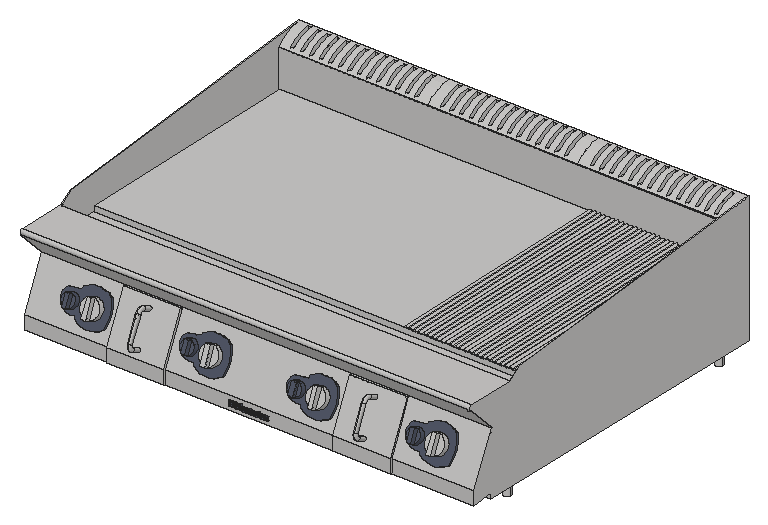
Revit family "QF_ELECTROLUXPROFESSIONAL_391592_E9IIKTAOMII", category Attrezzature speciali, Revit 2018 (continued)
Automatic sketch dimensions
  Extrusion 3 sketch curve to Extrusion 3 sketch curve = 0.887 mm
  Extrusion 3 sketch curve to Extrusion 3 sketch curve = 0.928 mm
  Extrusion 3 sketch curve to Extrusion 3 sketch curve = 0.938 mm
  Extrusion 3 sketch curve to Extrusion 3 sketch curve = 0.444 mm
  Extrusion 3 sketch curve to Extrusion 3 sketch curve = 1.11 mm  (x3)
  Extrusion 3 sketch curve to Extrusion 3 sketch curve = 0.215 mm
  Extrusion 3 sketch curve to plane 7 "Center Y" = 1.405 mm
  Extrusion 3 sketch curve to Extrusion 3 sketch curve = 1.43 mm
  Extrusion 3 sketch curve to Extrusion 3 sketch curve = 1.188 mm
  Extrusion 3 sketch curve to Extrusion 3 sketch curve = 1.21 mm  (x2)
  Extrusion 3 sketch curve to Extrusion 3 sketch curve = 0.503 mm
  Extrusion 3 sketch curve to Extrusion 3 sketch curve = 0.488 mm
  Extrusion 3 sketch curve to Extrusion 3 sketch curve = 0.462 mm
  Extrusion 3 sketch curve to Extrusion 3 sketch curve = 1.386 mm
  Extrusion 3 sketch curve to Extrusion 3 sketch curve = 1.742 mm  (x2)
  Extrusion 3 sketch curve to Extrusion 3 sketch curve = 0.821 mm
  Extrusion 3 sketch curve to Extrusion 3 sketch curve = 0.497 mm
  Extrusion 3 sketch curve to Extrusion 3 sketch curve = 0.539 mm
  Extrusion 3 sketch curve to Extrusion 3 sketch curve = 0.199 mm
  Extrusion 3 sketch curve to Extrusion 3 sketch curve = 0.408 mm
  Extrusion 3 sketch curve to Extrusion 3 sketch curve = 0.528 mm
  Extrusion 3 sketch curve to Extrusion 3 sketch curve = 1.16 mm
  Extrusion 3 sketch curve to Extrusion 3 sketch curve = 0.329 mm
  Extrusion 3 sketch curve to Extrusion 3 sketch curve = 1.054 mm
  Extrusion 3 sketch curve to Extrusion 3 sketch curve = 1.056 mm
  Extrusion 3 sketch curve to Extrusion 3 sketch curve = 0.129 mm
  Extrusion 3 sketch curve to Extrusion 3 sketch curve = 0.489 mm
  Extrusion 3 sketch curve to Extrusion 3 sketch curve = 0.441 mm
  Extrusion 3 sketch curve to Extrusion 3 sketch curve = 1.151 mm
  Extrusion 3 sketch curve to Extrusion 3 sketch curve = 1.141 mm  (x2)
  Extrusion 3 sketch curve to Extrusion 3 sketch curve = 1.23 mm
  Extrusion 3 sketch curve to Extrusion 3 sketch curve = 1.653 mm
  Extrusion 3 sketch curve to Extrusion 3 sketch curve = 0.499 mm
  Extrusion 3 sketch curve to Extrusion 3 sketch curve = 0.964 mm
  Extrusion 3 sketch curve to Extrusion 3 sketch curve = 0.949 mm
  Extrusion 3 sketch curve to Extrusion 3 sketch curve = 1.345 mm  (x2)
  Extrusion 3 sketch curve to Extrusion 3 sketch curve = 0.137 mm  (x2)
  Extrusion 3 sketch curve to Extrusion 3 sketch curve = 0.432 mm
  Extrusion 3 sketch curve to Extrusion 3 sketch curve = 1.142 mm
  Extrusion 3 sketch curve to Extrusion 3 sketch curve = 0.959 mm
  Extrusion 3 sketch curve to Extrusion 3 sketch curve = 0.176 mm
  Extrusion 3 sketch curve to Extrusion 3 sketch curve = 0.728 mm
  Extrusion 3 sketch curve to Extrusion 3 sketch curve = 3.375 mm  (x2)
  Extrusion 3 sketch curve to Extrusion 3 sketch curve = 0.541 mm
  Extrusion 3 sketch curve to Extrusion 3 sketch curve = 0.955 mm
  Extrusion 3 sketch curve to Extrusion 3 sketch curve = 1.251 mm
  Extrusion 3 sketch curve to Extrusion 3 sketch curve = 0.572 mm
  Extrusion 3 sketch curve to Extrusion 3 sketch curve = 1.92 mm
  Extrusion 3 sketch curve to Extrusion 3 sketch curve = 1.224 mm
  Extrusion 3 sketch curve to Extrusion 3 sketch curve = 0.745 mm
  Extrusion 3 sketch curve to Extrusion 3 sketch curve = 2.537 mm
  Extrusion 3 sketch curve to Extrusion 3 sketch curve = 0.896 mm  (x3)
  Extrusion 3 sketch curve to Extrusion 3 sketch curve = 0.036 mm
  Extrusion 3 sketch curve to Extrusion 3 sketch curve = 2.607 mm
  Extrusion 3 sketch curve to Extrusion 3 sketch curve = 0.066 mm
  Extrusion 3 sketch curve to Extrusion 3 sketch curve = 0.248 mm
  Extrusion 3 sketch curve to Extrusion 3 sketch curve = 0.449 mm
  Extrusion 3 sketch curve to Extrusion 3 sketch curve = 1.052 mm
  Extrusion 3 sketch curve to Extrusion 3 sketch curve = 1.863 mm
  Extrusion 3 sketch curve to Extrusion 3 sketch curve = 1.31 mm  (x2)
  Extrusion 3 sketch curve to Extrusion 3 sketch curve = 0.901 mm
  Extrusion 3 sketch curve to Extrusion 3 sketch curve = 1.107 mm
  Extrusion 3 sketch curve to Extrusion 3 sketch curve = 2.122 mm
  Extrusion 3 sketch curve to Extrusion 3 sketch curve = 2.101 mm
  Extrusion 3 sketch curve to Extrusion 3 sketch curve = 0.106 mm
  Extrusion 3 sketch curve to Extrusion 3 sketch curve = 0.029 mm
  Extrusion 3 sketch curve to Extrusion 3 sketch curve = 2.09 mm
  Extrusion 3 sketch curve to Extrusion 3 sketch curve = 1.279 mm
  Extrusion 3 sketch curve to Extrusion 3 sketch curve = 2.008 mm
  Extrusion 3 sketch curve to Extrusion 3 sketch curve = 0.738 mm
  Extrusion 3 sketch curve to Extrusion 3 sketch curve = 0.382 mm
  Extrusion 3 sketch curve to Extrusion 3 sketch curve = 0.384 mm
  Extrusion 3 sketch curve to Extrusion 3 sketch curve = 0.002 mm
  Extrusion 3 sketch curve to Extrusion 3 sketch curve = 0.561 mm
  Extrusion 3 sketch curve to Extrusion 3 sketch curve = 0.592 mm
  Extrusion 3 sketch curve to Extrusion 3 sketch curve = 2.692 mm
  Extrusion 3 sketch curve to Extrusion 3 sketch curve = 1.259 mm
  Extrusion 3 sketch curve to Extrusion 3 sketch curve = 0.802 mm
  Extrusion 3 sketch curve to Extrusion 3 sketch curve = 1.024 mm
  Extrusion 3 sketch curve to Extrusion 3 sketch curve = 0.682 mm
  Extrusion 3 sketch curve to Extrusion 3 sketch curve = 5.934 mm
  Extrusion 3 sketch curve to Extrusion 3 sketch curve = 2.186 mm
  Extrusion 3 sketch curve to Extrusion 3 sketch curve = 0.337 mm
  Extrusion 3 sketch curve to Extrusion 3 sketch curve = 0.021 mm
  Extrusion 3 sketch curve to Extrusion 3 sketch curve = 1.005 mm
  Extrusion 3 sketch curve to Extrusion 3 sketch curve = 0.552 mm
  Extrusion 3 sketch curve to Extrusion 3 sketch curve = 0.778 mm
  Extrusion 3 sketch curve to Extrusion 3 sketch curve = 0.063 mm
  Extrusion 3 sketch curve to Extrusion 3 sketch curve = 1.023 mm
  Extrusion 3 sketch curve to Extrusion 3 sketch curve = 3.804 mm
  Extrusion 3 sketch curve to Extrusion 3 sketch curve = 0.486 mm
  Extrusion 3 sketch curve to Extrusion 3 sketch curve = 0.266 mm  (x2)
  Extrusion 3 sketch curve to Extrusion 3 sketch curve = 1.547 mm
  Extrusion 3 sketch curve to Extrusion 3 sketch curve = 0.717 mm  (x2)
  Extrusion 3 sketch curve to Extrusion 3 sketch curve = 1.667 mm
  Extrusion 3 sketch curve to Extrusion 3 sketch curve = 3.174 mm
  Extrusion 3 sketch curve to Extrusion 3 sketch curve = 0.388 mm
  Extrusion 3 sketch curve to Extrusion 3 sketch curve = 1.342 mm
  Extrusion 3 sketch curve to Extrusion 3 sketch curve = 1.521 mm
  Extrusion 3 sketch curve to Extrusion 3 sketch curve = 0.124 mm
  Extrusion 3 sketch curve to Extrusion 3 sketch curve = 0.291 mm
  plane 7 "Center Y" to Extrusion 3 sketch curve = 5.548 mm
  Extrusion 3 sketch curve to Extrusion 3 sketch curve = 1.049 mm  (x2)
  Extrusion 3 sketch curve to Extrusion 3 sketch curve = 1.7 mm
  Extrusion 3 sketch curve to Extrusion 3 sketch curve = 0.894 mm
  Extrusion 3 sketch curve to Extrusion 3 sketch curve = 0.989 mm
  Extrusion 3 sketch curve to Extrusion 3 sketch curve = 1.168 mm
  Extrusion 3 sketch curve to Extrusion 3 sketch curve = 1.594 mm
  Extrusion 3 sketch curve to Extrusion 3 sketch curve = 0.731 mm
  Extrusion 3 sketch curve to Extrusion 3 sketch curve = 1.566 mm
  Extrusion 3 sketch curve to Extrusion 3 sketch curve = 0.064 mm
  plane 7 "Center Y" to Extrusion 3 sketch curve = 6.105 mm
  Extrusion 3 sketch curve to Extrusion 3 sketch curve = 0.556 mm  (x2)
  Extrusion 3 sketch curve to Extrusion 3 sketch curve = 0.48 mm
  Extrusion 3 sketch curve to Extrusion 3 sketch curve = 0.228 mm
  Extrusion 3 sketch curve to Extrusion 3 sketch curve = 1.018 mm
  Extrusion 3 sketch curve to Extrusion 3 sketch curve = 0.787 mm
  Extrusion 3 sketch curve to Extrusion 3 sketch curve = 0.618 mm
  Extrusion 3 sketch curve to Extrusion 3 sketch curve = 1.672 mm
  Extrusion 3 sketch curve to Extrusion 3 sketch curve = 1.361 mm
  Extrusion 3 sketch curve to Extrusion 3 sketch curve = 0.822 mm
  Extrusion 3 sketch curve to Extrusion 3 sketch curve = 0.069 mm
  Extrusion 3 sketch curve to Extrusion 3 sketch curve = 1.88 mm
  Extrusion 3 sketch curve to Extrusion 3 sketch curve = 0.42 mm
  Extrusion 3 sketch curve to Extrusion 3 sketch curve = 0.062 mm
  Extrusion 3 sketch curve to Extrusion 3 sketch curve = 1.355 mm
  Extrusion 3 sketch curve to Extrusion 3 sketch curve = 2.34 mm
  Extrusion 3 sketch curve to Extrusion 3 sketch curve = 0.493 mm
  Extrusion 3 sketch curve to Extrusion 3 sketch curve = 0.136 mm
  Extrusion 3 sketch curve to Extrusion 3 sketch curve = 0.128 mm
  Extrusion 3 sketch curve to Extrusion 3 sketch curve = 3.616 mm
  Extrusion 3 sketch curve to Extrusion 3 sketch curve = 4.207 mm
  Extrusion 3 sketch curve to Extrusion 3 sketch curve = 0.183 mm
  Extrusion 3 sketch curve to Extrusion 3 sketch curve = 0.895 mm
  Extrusion 3 sketch curve to Extrusion 3 sketch curve = 1.314 mm
  Extrusion 3 sketch curve to Extrusion 3 sketch curve = 3.231 mm
  Extrusion 3 sketch curve to Extrusion 3 sketch curve = 1.299 mm
  Extrusion 3 sketch curve to Extrusion 3 sketch curve = 1.214 mm
  Extrusion 3 sketch curve to Extrusion 3 sketch curve = 1.264 mm
  Extrusion 3 sketch curve to Extrusion 3 sketch curve = 0.109 mm
  Extrusion 3 sketch curve to Extrusion 3 sketch curve = 0.357 mm
  Extrusion 3 sketch curve to Extrusion 3 sketch curve = 0.565 mm
  Extrusion 3 sketch curve to Extrusion 3 sketch curve = 2.504 mm
  Extrusion 3 sketch curve to Extrusion 3 sketch curve = 2.459 mm
  Extrusion 3 sketch curve to Extrusion 3 sketch curve = 1.322 mm
  Extrusion 3 sketch curve to Extrusion 3 sketch curve = 2.77 mm
  Extrusion 3 sketch curve to Extrusion 3 sketch curve = 2.51 mm
  Extrusion 3 sketch curve to Extrusion 3 sketch curve = 0.187 mm
  Extrusion 3 sketch curve to Extrusion 3 sketch curve = 2.559 mm
  Extrusion 3 sketch curve to Extrusion 3 sketch curve = 1.556 mm
  Extrusion 3 sketch curve to Extrusion 3 sketch curve = 0.222 mm
  Extrusion 3 sketch curve to Extrusion 3 sketch curve = 1.383 mm
  Extrusion 3 sketch curve to Extrusion 3 sketch curve = 3.114 mm
  Extrusion 3 sketch curve to Extrusion 3 sketch curve = 3.376 mm
  Extrusion 3 sketch curve to Extrusion 3 sketch curve = 0.934 mm
  Extrusion 3 sketch curve to Extrusion 3 sketch curve = 0.191 mm
  Extrusion 3 sketch curve to Extrusion 3 sketch curve = 3.696 mm
  Extrusion 3 sketch curve to Extrusion 3 sketch curve = 2.708 mm
  Extrusion 3 sketch curve to Extrusion 3 sketch curve = 3.333 mm
  Extrusion 3 sketch curve to Extrusion 3 sketch curve = 0.332 mm
  Extrusion 3 sketch curve to Extrusion 3 sketch curve = 1.087 mm
  Extrusion 3 sketch curve to Extrusion 3 sketch curve = 2.23 mm
  Extrusion 3 sketch curve to Extrusion 3 sketch curve = 2.757 mm
  Extrusion 3 sketch curve to Extrusion 3 sketch curve = 0.987 mm
  Extrusion 3 sketch curve to Extrusion 3 sketch curve = 1.529 mm
  Extrusion 3 sketch curve to Extrusion 3 sketch curve = 1.796 mm
  Extrusion 3 sketch curve to Extrusion 3 sketch curve = 2.859 mm
  Extrusion 3 sketch curve to Extrusion 3 sketch curve = 0.853 mm
  Extrusion 3 sketch curve to Extrusion 3 sketch curve = 1.241 mm
  Extrusion 3 sketch curve to Extrusion 3 sketch curve = 2.046 mm  (x2)
  Extrusion 3 sketch curve to Extrusion 3 sketch curve = 2.422 mm
  Extrusion 3 sketch curve to Extrusion 3 sketch curve = 0.27 mm  (x2)
  Extrusion 3 sketch curve to Extrusion 3 sketch curve = 0.69 mm
  Extrusion 3 sketch curve to Extrusion 3 sketch curve = 0.781 mm  (x2)
  Extrusion 3 sketch curve to Extrusion 3 sketch curve = 3.136 mm
  Extrusion 3 sketch curve to Extrusion 3 sketch curve = 1.767 mm
  Extrusion 3 sketch curve to Extrusion 3 sketch curve = 0.138 mm
  Extrusion 3 sketch curve to Extrusion 3 sketch curve = 0.777 mm
  Extrusion 3 sketch curve to Extrusion 3 sketch curve = 1.19 mm
  Extrusion 3 sketch curve to Extrusion 3 sketch curve = 0.782 mm
  Extrusion 3 sketch curve to Extrusion 3 sketch curve = 1.268 mm
  Extrusion 3 sketch curve to Extrusion 3 sketch curve = 0.422 mm  (x2)
  Extrusion 3 sketch curve to Extrusion 3 sketch curve = 1.559 mm
  Extrusion 3 sketch curve to Extrusion 3 sketch curve = 3.927 mm
  Extrusion 3 sketch curve to Extrusion 3 sketch curve = 0.983 mm
  Extrusion 3 sketch curve to Extrusion 3 sketch curve = 1.134 mm
  Extrusion 3 sketch curve to Extrusion 3 sketch curve = 0.094 mm
  Extrusion 3 sketch curve to Extrusion 3 sketch curve = 1.584 mm
  Extrusion 3 sketch curve to plane 7 "Center Y" = 1.098 mm
  Extrusion 3 sketch curve to Extrusion 3 sketch curve = 0.643 mm
  Extrusion 3 sketch curve to Extrusion 3 sketch curve = 0.916 mm
  Extrusion 3 sketch curve to Extrusion 3 sketch curve = 0.352 mm
  Extrusion 3 sketch curve to Extrusion 3 sketch curve = 0.458 mm
  Extrusion 3 sketch curve to Extrusion 3 sketch curve = 1.282 mm
  Extrusion 3 sketch curve to Extrusion 3 sketch curve = 1.363 mm
  Extrusion 3 sketch curve to Extrusion 3 sketch curve = 0.685 mm
  Extrusion 3 sketch curve to Extrusion 3 sketch curve = 0.905 mm
  Extrusion 3 sketch curve to Extrusion 3 sketch curve = 2.865 mm
  Extrusion 3 sketch curve to Extrusion 3 sketch curve = 0.472 mm
  Extrusion 3 sketch curve to Extrusion 3 sketch curve = 0.101 mm
  Extrusion 3 sketch curve to Extrusion 3 sketch curve = 0.54 mm
  Extrusion 3 sketch curve to Extrusion 3 sketch curve = 0.02 mm
  Extrusion 3 sketch curve to Extrusion 3 sketch curve = 0.468 mm
  Extrusion 3 sketch curve to Extrusion 3 sketch curve = 0.829 mm
  Extrusion 3 sketch curve to Extrusion 3 sketch curve = 0.582 mm
  Extrusion 3 sketch curve to Extrusion 3 sketch curve = 0.166 mm
  Extrusion 3 sketch curve to Extrusion 3 sketch curve = 0.16 mm
  Extrusion 3 sketch curve to Extrusion 3 sketch curve = 2.781 mm
  Extrusion 3 sketch curve to Extrusion 3 sketch curve = 1.118 mm
  Extrusion 3 sketch curve to Extrusion 3 sketch curve = 0.613 mm
  Extrusion 3 sketch curve to Extrusion 3 sketch curve = 0.361 mm
  Extrusion 3 sketch curve to Extrusion 3 sketch curve = 0.897 mm
  Extrusion 3 sketch curve to Extrusion 3 sketch curve = 0.167 mm
  Extrusion 3 sketch curve to Extrusion 3 sketch curve = 0.292 mm
  Extrusion 3 sketch curve to Extrusion 3 sketch curve = 0.305 mm
  Extrusion 3 sketch curve to Extrusion 3 sketch curve = 1.557 mm
  Extrusion 3 sketch curve to Extrusion 3 sketch curve = 2.499 mm
  Extrusion 3 sketch curve to Extrusion 3 sketch curve = 3.062 mm
  Extrusion 3 sketch curve to Extrusion 3 sketch curve = 2.968 mm
  Extrusion 3 sketch curve to Extrusion 3 sketch curve = 5.044 mm
  Extrusion 3 sketch curve to Extrusion 3 sketch curve = 0.629 mm  (x2)
  Extrusion 3 sketch curve to Extrusion 3 sketch curve = 1.131 mm
  Extrusion 3 sketch curve to Extrusion 3 sketch curve = 0.027 mm
  Extrusion 3 sketch curve to Extrusion 3 sketch curve = 2.235 mm
  Extrusion 4 sketch curve to plane 12 = 0 mm
  Extrusion 4 sketch curve to plane 1 "BACK" = 0 mm
  Extrusion 4 sketch curve to plane 6 "TOP" = 0 mm
  Extrusion 4 sketch curve to plane 14 = 28.404 mm
  plane 14 to Extrusion 4 sketch curve = 5 mm
  Extrusion 4 sketch curve to plane 12 = 60 mm
  plane 12 to Extrusion 4 sketch curve = 21.916 mm
  Extrusion 5 sketch curve to plane 1 "BACK" = 0 mm
  Extrusion 5 sketch curve to plane 12 = 0 mm
  Extrusion 5 sketch curve to plane 6 "TOP" = 0 mm
  Extrusion 5 sketch curve to plane 14 = 28.404 mm
  plane 14 to Extrusion 5 sketch curve = 5 mm
  Extrusion 5 sketch curve to plane 12 = 60 mm
  plane 12 to Extrusion 5 sketch curve = 21.916 mm
  Extrusion 6 sketch curve to plane 1 "BACK" = 0 mm
  Extrusion 6 sketch curve to plane 6 "TOP" = 0 mm
  Extrusion 6 sketch curve to plane 13 = 12.15 mm
  Extrusion 6 sketch curve to plane 1 "BACK" = 5.211 mm
  Extrusion 6 sketch curve to plane 6 "TOP" = 31.7 mm
  plane 1 "BACK" to Extrusion 7 sketch curve = 6.761 mm  (x14)
  Extrusion 7 sketch curve to plane 13 = 18.089 mm  (x7)
  Extrusion 7 sketch curve to Extrusion 7 sketch curve = 0 mm  (x7)
  Extrusion 7 sketch curve to plane 11 = 18.703 mm
  Extrusion 7 sketch curve to Extrusion 7 sketch curve = 9.296 mm  (x14)
  Extrusion 7 sketch curve to Extrusion 7 sketch curve = 16.193 mm  (x13)
  Extrusion 8 sketch curve to plane 1 "BACK" = 0 mm
  Extrusion 8 sketch curve to plane 6 "TOP" = 0 mm
  Extrusion 8 sketch curve to plane 13 = 12.15 mm
  Extrusion 8 sketch curve to plane 1 "BACK" = 5.211 mm
  Extrusion 8 sketch curve to plane 6 "TOP" = 31.7 mm
  plane 1 "BACK" to Extrusion 9 sketch curve = 6.761 mm  (x14)
  Extrusion 9 sketch curve to plane 13 = 18.089 mm  (x7)
  Extrusion 9 sketch curve to plane 7 "Center Y" = 8.021 mm
  Extrusion 9 sketch curve to Extrusion 9 sketch curve = 0 mm  (x7)
  Extrusion 9 sketch curve to Extrusion 9 sketch curve = 9.296 mm  (x14)
  Extrusion 9 sketch curve to Extrusion 9 sketch curve = 16.193 mm  (x12)
  plane 7 "Center Y" to Extrusion 9 sketch curve = 8.171 mm
  Extrusion 10 sketch curve to plane 1 "BACK" = 0 mm
  Extrusion 10 sketch curve to plane 6 "TOP" = 0 mm
  Extrusion 10 sketch curve to plane 13 = 12.15 mm
  Extrusion 10 sketch curve to plane 1 "BACK" = 5.211 mm
  Extrusion 10 sketch curve to plane 6 "TOP" = 31.7 mm
  plane 1 "BACK" to Extrusion 11 sketch curve = 6.761 mm  (x14)
  Extrusion 11 sketch curve to plane 13 = 18.089 mm  (x7)
  Extrusion 11 sketch curve to Extrusion 11 sketch curve = 0 mm  (x7)
  plane 7 "Center Y" to Extrusion 11 sketch curve = 229.803 mm
  Extrusion 11 sketch curve to Extrusion 11 sketch curve = 9.296 mm  (x14)
  Extrusion 11 sketch curve to Extrusion 11 sketch curve = 16.193 mm  (x13)
  Extrusion 12 sketch curve to plane 12 = 45 mm
  Extrusion 12 sketch curve to plane 14 = 100.044 mm
  Extrusion 12 sketch curve to plane 13 = 10.485 mm
  Extrusion 12 sketch curve to Extrusion 12 sketch curve = 15 mm
  Extrusion 12 sketch curve to Extrusion 12 sketch curve = 23.235 mm
  Extrusion 1 to Extrusion 13 sketch curve = 0 mm
  Extrusion 1 to Extrusion 13 sketch curve = 1.6 mm  (x2)
  Extrusion 1 to Extrusion 13 sketch curve = 71.515 mm
  Extrusion 14 sketch curve to plane 5 "FRONT" = 11.8 mm
  Extrusion 14 sketch curve to Extrusion 14 sketch curve = 3.2 mm
  Extrusion 14 sketch curve to plane 5 "FRONT" = 68.449 mm
  Extrusion 14 sketch curve to Extrusion 14 sketch curve = 2.907 mm
  plane 9 to Extrusion 14 sketch curve = 6.922 mm
  Extrusion 14 sketch curve to Extrusion 14 sketch curve = 34.792 mm
  Extrusion 14 sketch curve to Extrusion 14 sketch curve = 0.701 mm
  plane 9 to Extrusion 15 sketch curve = 6.922 mm
  plane 17 to Extrusion 15 sketch curve = 24.406 mm
  plane 17 to Extrusion 15 sketch curve = 81.055 mm
  Extrusion 15 sketch curve to plane 5 "FRONT" = 11.8 mm
  Extrusion 15 sketch curve to plane 5 "FRONT" = 68.449 mm
  Extrusion 15 sketch curve to Extrusion 15 sketch curve = 35.493 mm  (x2)
  Extrusion 15 sketch curve to plane 12 = 85.504 mm
  Extrusion 16 sketch curve to plane 5 "FRONT" = 11.8 mm
  Extrusion 16 sketch curve to Extrusion 16 sketch curve = 3.2 mm
  Extrusion 16 sketch curve to plane 5 "FRONT" = 68.449 mm
  Extrusion 16 sketch curve to Extrusion 16 sketch curve = 2.907 mm
  Extrusion 16 sketch curve to plane 12 = 85.504 mm
  Extrusion 16 sketch curve to Extrusion 16 sketch curve = 1.338 mm
  plane 9 to Extrusion 16 sketch curve = 6.922 mm
  plane 17 to Extrusion 17 sketch curve = 24.406 mm
  plane 17 to Extrusion 17 sketch curve = 81.055 mm
  Extrusion 17 sketch curve to plane 5 "FRONT" = 11.8 mm
  Extrusion 17 sketch curve to plane 5 "FRONT" = 68.449 mm
  Extrusion 17 sketch curve to plane 12 = 85.504 mm
  plane 9 to Extrusion 17 sketch curve = 42.415 mm  (x2)
  plane 9 to Extrusion 17 sketch curve = 6.922 mm
  Extrusion 18 sketch curve to Extrusion 18 sketch curve = 0 mm  (x2)
  Extrusion 18 sketch curve to plane 7 "Center Y" = 150.643 mm
  Extrusion 18 sketch curve to Extrusion 18 sketch curve = 112.63 mm
  Extrusion 18 sketch curve to Extrusion 18 sketch curve = 1.398 mm
  Extrusion 18 sketch curve to Extrusion 18 sketch curve = 5.918 mm
  Extrusion 18 sketch curve to Extrusion 18 sketch curve = 7.825 mm
  Extrusion 18 sketch curve to Extrusion 18 sketch curve = 12.433 mm
  Extrusion 18 sketch curve to Extrusion 18 sketch curve = 33.329 mm
  Extrusion 18 sketch curve to Extrusion 18 sketch curve = 28.808 mm
  Extrusion 18 sketch curve to Extrusion 18 sketch curve = 2.986 mm
  Extrusion 18 sketch curve to Extrusion 18 sketch curve = 35.441 mm
  Extrusion 18 sketch curve to Extrusion 18 sketch curve = 23.969 mm
  Extrusion 18 sketch curve to Extrusion 18 sketch curve = 31.993 mm
  Extrusion 18 sketch curve to Extrusion 18 sketch curve = 0.131 mm
  Extrusion 18 sketch curve to Extrusion 18 sketch curve = 36.738 mm
  Extrusion 18 sketch curve to Extrusion 18 sketch curve = 6.105 mm
  Extrusion 18 sketch curve to plane 7 "Center Y" = 119.675 mm
  Extrusion 18 sketch curve to Extrusion 18 sketch curve = 0.002 mm
  Extrusion 18 sketch curve to Extrusion 18 sketch curve = 38.412 mm
  Extrusion 18 sketch curve to Extrusion 18 sketch curve = 39.831 mm
  Extrusion 18 sketch curve to Extrusion 18 sketch curve = 6.427 mm
  Extrusion 18 sketch curve to Extrusion 18 sketch curve = 11.842 mm
  Extrusion 20 sketch curve to Extrusion 20 sketch curve = 24.732 mm
  Extrusion 20 sketch curve to Extrusion 20 sketch curve = 0 mm
  Extrusion 22 sketch curve to Extrusion 22 sketch curve = 0 mm
  Extrusion 22 sketch curve to Extrusion 22 sketch curve = 7.232 mm  (x3)
  Extrusion 22 sketch curve to Extrusion 22 sketch curve = 17.5 mm
  Extrusion 22 sketch curve to Extrusion 22 sketch curve = 5.786 mm
  Extrusion 23 sketch curve to Extrusion 23 sketch curve = 0 mm  (x2)
  Extrusion 23 sketch curve to plane 11 = 120.857 mm
  Extrusion 23 sketch curve to Extrusion 23 sketch curve = 112.63 mm
  Extrusion 23 sketch curve to Extrusion 23 sketch curve = 1.398 mm
  Extrusion 23 sketch curve to Extrusion 23 sketch curve = 5.918 mm
  Extrusion 23 sketch curve to Extrusion 23 sketch curve = 7.825 mm
  Extrusion 23 sketch curve to Extrusion 23 sketch curve = 12.433 mm
  Extrusion 23 sketch curve to Extrusion 23 sketch curve = 33.329 mm
  Extrusion 23 sketch curve to Extrusion 23 sketch curve = 28.808 mm
  Extrusion 23 sketch curve to Extrusion 23 sketch curve = 2.986 mm
  Extrusion 23 sketch curve to Extrusion 23 sketch curve = 35.441 mm
  Extrusion 23 sketch curve to Extrusion 23 sketch curve = 23.969 mm
  Extrusion 23 sketch curve to Extrusion 23 sketch curve = 31.993 mm
  Extrusion 23 sketch curve to Extrusion 23 sketch curve = 0.131 mm
  Extrusion 23 sketch curve to Extrusion 23 sketch curve = 36.738 mm
  Extrusion 23 sketch curve to Extrusion 23 sketch curve = 6.105 mm
  Extrusion 23 sketch curve to plane 11 = 151.825 mm
  Extrusion 23 sketch curve to Extrusion 23 sketch curve = 0.002 mm
  Extrusion 23 sketch curve to Extrusion 23 sketch curve = 38.412 mm
  Extrusion 23 sketch curve to Extrusion 23 sketch curve = 39.831 mm
  Extrusion 23 sketch curve to Extrusion 23 sketch curve = 6.427 mm
  Extrusion 23 sketch curve to Extrusion 23 sketch curve = 11.842 mm
  Extrusion 25 sketch curve to Extrusion 25 sketch curve = 24.732 mm
  Extrusion 25 sketch curve to Extrusion 25 sketch curve = 0 mm
  Extrusion 27 sketch curve to Extrusion 27 sketch curve = 0 mm
  Extrusion 27 sketch curve to Extrusion 27 sketch curve = 7.232 mm  (x3)
  Extrusion 27 sketch curve to Extrusion 27 sketch curve = 17.5 mm
  Extrusion 27 sketch curve to Extrusion 27 sketch curve = 5.786 mm
  Extrusion 28 sketch curve to Extrusion 28 sketch curve = 0 mm  (x2)
  Extrusion 28 sketch curve to plane 10 = 135.793 mm
  Extrusion 28 sketch curve to Extrusion 28 sketch curve = 112.63 mm
  Extrusion 28 sketch curve to Extrusion 28 sketch curve = 1.398 mm
  Extrusion 28 sketch curve to Extrusion 28 sketch curve = 5.918 mm
  Extrusion 28 sketch curve to Extrusion 28 sketch curve = 7.825 mm
  Extrusion 28 sketch curve to Extrusion 28 sketch curve = 12.433 mm
  Extrusion 28 sketch curve to Extrusion 28 sketch curve = 33.329 mm
  Extrusion 28 sketch curve to Extrusion 28 sketch curve = 28.808 mm
  Extrusion 28 sketch curve to Extrusion 28 sketch curve = 2.986 mm
  Extrusion 28 sketch curve to Extrusion 28 sketch curve = 35.441 mm
  Extrusion 28 sketch curve to Extrusion 28 sketch curve = 23.969 mm
  Extrusion 28 sketch curve to Extrusion 28 sketch curve = 31.993 mm
  Extrusion 28 sketch curve to Extrusion 28 sketch curve = 0.131 mm
  Extrusion 28 sketch curve to Extrusion 28 sketch curve = 36.738 mm
  Extrusion 28 sketch curve to Extrusion 28 sketch curve = 6.105 mm
  Extrusion 28 sketch curve to plane 10 = 104.825 mm
  Extrusion 28 sketch curve to Extrusion 28 sketch curve = 0.002 mm
  Extrusion 28 sketch curve to Extrusion 28 sketch curve = 38.412 mm
  Extrusion 28 sketch curve to Extrusion 28 sketch curve = 39.831 mm
  Extrusion 28 sketch curve to Extrusion 28 sketch curve = 6.427 mm
  Extrusion 28 sketch curve to Extrusion 28 sketch curve = 11.842 mm
  Extrusion 30 sketch curve to Extrusion 30 sketch curve = 24.732 mm
  Extrusion 30 sketch curve to Extrusion 30 sketch curve = 0 mm
  Extrusion 32 sketch curve to Extrusion 32 sketch curve = 0 mm
  Extrusion 32 sketch curve to Extrusion 32 sketch curve = 7.232 mm  (x3)
  Extrusion 32 sketch curve to Extrusion 32 sketch curve = 17.5 mm
  Extrusion 32 sketch curve to Extrusion 32 sketch curve = 5.786 mm
  Extrusion 33 sketch curve to Extrusion 33 sketch curve = 0 mm  (x2)
  plane 7 "Center Y" to Extrusion 33 sketch curve = 135.707 mm
  Extrusion 33 sketch curve to Extrusion 33 sketch curve = 112.63 mm
  Extrusion 33 sketch curve to Extrusion 33 sketch curve = 1.398 mm
  Extrusion 33 sketch curve to Extrusion 33 sketch curve = 5.918 mm
  Extrusion 33 sketch curve to Extrusion 33 sketch curve = 7.825 mm
  Extrusion 33 sketch curve to Extrusion 33 sketch curve = 12.433 mm
  Extrusion 33 sketch curve to Extrusion 33 sketch curve = 33.329 mm
  Extrusion 33 sketch curve to Extrusion 33 sketch curve = 28.808 mm
  Extrusion 33 sketch curve to Extrusion 33 sketch curve = 2.986 mm
  Extrusion 33 sketch curve to Extrusion 33 sketch curve = 35.441 mm
  Extrusion 33 sketch curve to Extrusion 33 sketch curve = 23.969 mm
  Extrusion 33 sketch curve to Extrusion 33 sketch curve = 31.993 mm
  Extrusion 33 sketch curve to Extrusion 33 sketch curve = 0.131 mm
  Extrusion 33 sketch curve to Extrusion 33 sketch curve = 36.738 mm
  Extrusion 33 sketch curve to Extrusion 33 sketch curve = 6.105 mm
  plane 7 "Center Y" to Extrusion 33 sketch curve = 166.675 mm
  Extrusion 33 sketch curve to Extrusion 33 sketch curve = 0.002 mm
  Extrusion 33 sketch curve to Extrusion 33 sketch curve = 38.412 mm
  Extrusion 33 sketch curve to Extrusion 33 sketch curve = 39.831 mm
  Extrusion 33 sketch curve to Extrusion 33 sketch curve = 6.427 mm
  Extrusion 33 sketch curve to Extrusion 33 sketch curve = 11.842 mm
  Extrusion 35 sketch curve to Extrusion 35 sketch curve = 24.732 mm
  Extrusion 35 sketch curve to Extrusion 35 sketch curve = 0 mm
  Extrusion 37 sketch curve to Extrusion 37 sketch curve = 0 mm
  Extrusion 37 sketch curve to Extrusion 37 sketch curve = 7.232 mm  (x3)
  Extrusion 37 sketch curve to Extrusion 37 sketch curve = 17.5 mm
  Extrusion 37 sketch curve to Extrusion 37 sketch curve = 5.786 mm
  Extrusion 38 sketch curve to Extrusion 6 = 277.95 mm
  Extrusion 38 sketch curve to Extrusion 6 = 754.95 mm
  plane 17 to Sweep 39 sketch curve = 5.74 mm
  plane 17 to Sweep 39 sketch curve = 11.967 mm
  Sweep 39 sketch curve to Sweep 39 sketch curve = 11.537 mm  (x3)
  Sweep 39 sketch curve to Sweep 39 sketch curve = 20.629 mm  (x2)
  plane 17 to Sweep 39 sketch curve = 33.288 mm
  Sweep 39 sketch curve to Sweep 39 sketch curve = 5.31 mm  (x2)
  plane 9 to Sweep 39 sketch curve = 60.209 mm
  Sweep 39 sketch curve to Sweep 39 sketch curve = 9.495 mm
  Sweep 39 sketch curve to Sweep 39 sketch curve = 59.852 mm
  Sweep 39 sketch curve to Sweep 39 sketch curve = 2.042 mm
  Sweep 39 sketch curve to profile plane = 0 mm  (x2)
  plane 17 to Sweep 40 sketch curve = 5.74 mm
  plane 17 to Sweep 40 sketch curve = 11.967 mm
  Sweep 40 sketch curve to Sweep 40 sketch curve = 11.537 mm  (x2)
  Sweep 40 sketch curve to Sweep 40 sketch curve = 20.629 mm  (x2)
  plane 17 to Sweep 40 sketch curve = 33.288 mm
  Sweep 40 sketch curve to Sweep 40 sketch curve = 5.31 mm  (x2)
  Sweep 40 sketch curve to plane 12 = 98.37 mm
  Sweep 40 sketch curve to Sweep 40 sketch curve = 6.227 mm
  Sweep 40 sketch curve to Sweep 40 sketch curve = 9.495 mm  (x2)
  Sweep 40 sketch curve to Sweep 40 sketch curve = 59.852 mm
  profile plane to Sweep 40 sketch curve = 0 mm
  Sweep 40 sketch curve to profile plane = 0 mm
  plane 5 "FRONT" to Extrusion 42 sketch curve = 0 mm  (x2)
  Extrusion 42 sketch curve to plane 3 "LEFT" = 0 mm
  plane 1 "BACK" to Extrusion 42 sketch curve = 0 mm
  Extrusion 42 sketch curve to plane 4 "RIGHT" = 0 mm
  Extrusion 42 sketch curve to plane 3 "LEFT" = 100 mm
  Extrusion 42 sketch curve to plane 4 "RIGHT" = 100 mm
  Extrusion 42 sketch curve to plane 1 "BACK" = 100 mm
  Sweep 43 sketch curve to plane 12 = 45 mm
  Sweep 43 sketch curve to plane 14 = 100.044 mm
  Sweep 43 sketch curve to plane 13 = 10.485 mm
  Sweep 43 sketch curve to plane 12 = 36.765 mm
  Sweep 43 sketch curve to profile plane = 0 mm  (x30)
  profile plane to Sweep 43 sketch curve = 3.736 mm  (x30)
  profile plane to Sweep 43 sketch curve = 399.566 mm
  Sweep 43 sketch curve to Sweep 43 sketch curve = 3.877 mm  (x60)
  Sweep 43 sketch curve to Sweep 43 sketch curve = 4.381 mm  (x29)
  plane 5 "FRONT" to Sweep 44 sketch curve = 6.866 mm
  plane 5 "FRONT" to Sweep 44 sketch curve = 0.639 mm
  Sweep 44 sketch curve to plane 5 "FRONT" = 4.671 mm
  Sweep 44 sketch curve to plane 5 "FRONT" = 19.99 mm
  Sweep 44 sketch curve to plane 5 "FRONT" = 20.682 mm
  Sweep 44 sketch curve to Sweep 44 sketch curve = 11.537 mm  (x2)
  Sweep 44 sketch curve to Sweep 44 sketch curve = 5.31 mm  (x2)
  Sweep 44 sketch curve to Sweep 44 sketch curve = 20.629 mm
  plane 9 to Sweep 44 sketch curve = 60.209 mm
  Sweep 44 sketch curve to Sweep 44 sketch curve = 9.495 mm
  Sweep 44 sketch curve to Sweep 44 sketch curve = 59.852 mm
  Sweep 44 sketch curve to Sweep 44 sketch curve = 2.042 mm
  Sweep 44 sketch curve to profile plane = 0 mm  (x2)
  plane 5 "FRONT" to Sweep 45 sketch curve = 6.866 mm
  plane 5 "FRONT" to Sweep 45 sketch curve = 0.639 mm
  Sweep 45 sketch curve to plane 5 "FRONT" = 4.671 mm
  Sweep 45 sketch curve to plane 5 "FRONT" = 19.99 mm
  Sweep 45 sketch curve to plane 5 "FRONT" = 20.682 mm
  Sweep 45 sketch curve to Sweep 45 sketch curve = 11.537 mm
  Sweep 45 sketch curve to Sweep 45 sketch curve = 5.31 mm  (x2)
  Sweep 45 sketch curve to Sweep 45 sketch curve = 20.629 mm
  Sweep 45 sketch curve to plane 12 = 98.37 mm
  Sweep 45 sketch curve to Sweep 45 sketch curve = 6.227 mm
  Sweep 45 sketch curve to Sweep 45 sketch curve = 9.495 mm  (x2)
  Sweep 45 sketch curve to Sweep 45 sketch curve = 59.852 mm
  profile plane to Sweep 45 sketch curve = 0 mm
  Sweep 45 sketch curve to profile plane = 0 mm
  plane 5 "FRONT" to curve 198 = 0 mm
  curve 4 to plane 3 "LEFT" = 0 mm
  plane 5 "FRONT" to curve 9 = 0 mm
  plane 1 "BACK" to curve 230 = 0 mm
  curve 6 to plane 4 "RIGHT" = 0 mm
  plane 5 "FRONT" to curve 196 = 0 mm
  curve 197 to plane 3 "LEFT" = 100 mm
  plane 3 "LEFT" to curve 8 = 1.6 mm
  curve 192 to plane 11 = 18.703 mm
  curve 194 to curve 193 = 9.296 mm
  curve 192 to curve 188 = 16.193 mm
  curve 188 to curve 189 = 9.296 mm
  curve 188 to curve 187 = 16.193 mm
  curve 186 to curve 186 = 9.296 mm
  plane 1 "BACK" to curve 182 = 6.761 mm
  curve 185 to curve 182 = 16.193 mm
  curve 180 to curve 180 = 9.296 mm
  plane 1 "BACK" to curve 179 = 6.761 mm
  curve 181 to curve 179 = 16.193 mm
  curve 176 to curve 177 = 9.296 mm
  curve 176 to curve 175 = 16.193 mm
  curve 172 to curve 173 = 9.296 mm
  plane 1 "BACK" to curve 171 = 6.761 mm
  curve 173 to curve 171 = 16.193 mm
  curve 170 to curve 169 = 9.296 mm
  curve 168 to curve 167 = 16.193 mm
  curve 166 to curve 165 = 9.296 mm
  plane 17 to curve 9 = 24.406 mm
  curve 9 to plane 11 = 210.15 mm
  plane 1 "BACK" to curve 162 = 6.761 mm
  curve 165 to curve 162 = 16.193 mm
  curve 162 to curve 161 = 9.296 mm
  curve 160 to curve 156 = 16.193 mm
  curve 158 to curve 157 = 9.296 mm
  curve 156 to curve 152 = 16.193 mm
  curve 9 to curve 13 = 72.72 mm
  curve 154 to curve 153 = 9.296 mm
  curve 13 to curve 14 = 0.212 mm
  curve 14 to curve 12 = 3.76 mm
  curve 12 to curve 13 = 0.703 mm
  curve 1 to plane 14 = 46.064 mm
  curve 9 to curve 1 = 78.422 mm
  curve 152 to curve 148 = 16.193 mm
  curve 148 to curve 148 = 9.296 mm
  plane 1 "BACK" to curve 147 = 6.761 mm
  curve 149 to curve 147 = 16.193 mm
  curve 144 to curve 144 = 9.296 mm
  curve 144 to curve 140 = 16.193 mm
  curve 142 to curve 141 = 9.296 mm
  plane 17 to curve 11 = 24.406 mm
  curve 17 to curve 11 = 71.781 mm
  curve 140 to curve 229 = 29.703 mm
  plane 1 "BACK" to curve 139 = 6.761 mm
  curve 229 to curve 139 = 29.703 mm
  curve 138 to curve 137 = 9.296 mm
  curve 136 to curve 135 = 16.193 mm
  curve 134 to curve 133 = 9.296 mm
  plane 1 "BACK" to curve 131 = 6.761 mm
  curve 133 to curve 131 = 16.193 mm
  curve 130 to curve 129 = 9.296 mm
  plane 1 "BACK" to curve 127 = 6.761 mm
  curve 129 to curve 127 = 16.193 mm
  curve 126 to curve 125 = 9.296 mm
  curve 124 to curve 123 = 16.193 mm
  curve 122 to curve 121 = 9.296 mm
  plane 1 "BACK" to curve 119 = 6.761 mm
  curve 121 to curve 119 = 16.193 mm
  curve 118 to curve 117 = 9.296 mm
  plane 1 "BACK" to curve 115 = 6.761 mm
  curve 117 to curve 115 = 16.193 mm
  curve 112 to plane 7 "Center Y" = 8.021 mm
  plane 7 "Center Y" to curve 111 = 8.171 mm
  curve 108 to curve 109 = 9.296 mm
  curve 108 to curve 107 = 16.193 mm
  curve 104 to curve 105 = 9.296 mm
  plane 1 "BACK" to curve 102 = 6.761 mm
  curve 105 to curve 102 = 16.193 mm
  curve 100 to curve 101 = 9.296 mm
  plane 1 "BACK" to curve 99 = 6.761 mm
  curve 101 to curve 99 = 16.193 mm
  curve 96 to curve 97 = 9.296 mm
  curve 96 to curve 95 = 16.193 mm
  curve 94 to curve 93 = 9.296 mm
  curve 92 to curve 91 = 16.193 mm
  curve 90 to curve 89 = 9.296 mm
  curve 88 to curve 87 = 16.193 mm
  curve 86 to curve 85 = 9.296 mm
  curve 230 to plane 13 = 10.485 mm
  curve 84 to curve 230 = 29.703 mm
  plane 17 to curve 18 = 24.406 mm
  plane 7 "Center Y" to curve 18 = 225 mm
  curve 230 to curve 80 = 29.703 mm
  curve 80 to curve 199 = 6.419 mm
  curve 199 to curve 81 = 2.876 mm
  curve 199 to curve 200 = 12.135 mm
  curve 200 to curve 76 = 6.934 mm
  curve 200 to curve 201 = 12.135 mm
  curve 201 to curve 76 = 4.096 mm
  curve 201 to curve 202 = 12.135 mm
  plane 1 "BACK" to curve 75 = 6.761 mm
  curve 77 to curve 75 = 16.193 mm
  curve 72 to curve 203 = 3.981 mm
  curve 203 to curve 73 = 5.315 mm
  curve 72 to curve 204 = 6.82 mm
  curve 18 to curve 22 = 72.72 mm
  curve 22 to curve 19 = 0.212 mm
  curve 204 to curve 2 = 3.533 mm
  curve 21 to curve 22 = 3.76 mm
  curve 21 to curve 22 = 0.703 mm
  curve 204 to curve 71 = 9.373 mm
  curve 204 to curve 205 = 12.135 mm
  curve 68 to curve 69 = 9.296 mm
  curve 205 to curve 206 = 12.135 mm
  plane 1 "BACK" to curve 66 = 6.761 mm
  curve 69 to curve 66 = 16.193 mm
  curve 206 to curve 207 = 12.135 mm
  curve 66 to curve 65 = 9.296 mm
  curve 207 to curve 208 = 12.135 mm
  curve 208 to curve 60 = 11.812 mm
  curve 60 to curve 209 = 0.323 mm
  curve 62 to curve 62 = 9.296 mm
  curve 60 to curve 210 = 3.162 mm
  curve 22 to curve 20 = 71.781 mm
  curve 210 to curve 211 = 12.135 mm
  plane 1 "BACK" to curve 59 = 6.761 mm
  curve 61 to curve 59 = 16.193 mm
  curve 58 to curve 58 = 9.296 mm
  curve 56 to curve 212 = 1.942 mm
  curve 212 to curve 213 = 12.135 mm
  curve 213 to curve 52 = 2.116 mm
  curve 54 to curve 54 = 9.296 mm
  curve 52 to curve 214 = 0.723 mm
  curve 214 to curve 215 = 12.135 mm
  plane 1 "BACK" to curve 50 = 6.761 mm
  curve 53 to curve 50 = 16.193 mm
  curve 48 to curve 216 = 8.799 mm
  curve 50 to curve 50 = 9.296 mm
  curve 216 to curve 217 = 12.135 mm
  plane 1 "BACK" to curve 47 = 6.761 mm
  curve 49 to curve 47 = 16.193 mm
  curve 217 to curve 218 = 12.135 mm
  curve 46 to curve 45 = 9.296 mm
  curve 218 to curve 219 = 12.135 mm
  curve 219 to curve 40 = 5.774 mm
  curve 40 to curve 220 = 6.361 mm
  curve 42 to curve 41 = 9.296 mm
  curve 40 to curve 221 = 9.199 mm
  curve 221 to curve 39 = 6.993 mm
  curve 221 to curve 222 = 12.135 mm
  curve 38 to curve 37 = 9.296 mm
  curve 36 to curve 223 = 7.98 mm
  plane 1 "BACK" to curve 35 = 6.761 mm
  curve 37 to curve 35 = 16.193 mm
  curve 223 to curve 224 = 12.135 mm
  curve 32 to curve 32 = 9.296 mm
  curve 32 to curve 225 = 6.761 mm
  plane 1 "BACK" to curve 31 = 6.761 mm
  curve 33 to curve 31 = 16.193 mm
  curve 225 to curve 226 = 12.135 mm
  curve 28 to curve 28 = 9.296 mm
  curve 28 to curve 227 = 5.542 mm
  curve 228 to plane 10 = 0.877 mm
  plane 4 "RIGHT" to curve 8 = 1.6 mm
  curve 196 to plane 4 "RIGHT" = 100 mm
  plane 17 to curve 26 = 24.406 mm
  plane 17 to curve 25 = 4.569 mm
  plane 17 to curve 14 = 4.569 mm
  curve 10 to curve 12 = 46.357 mm
  curve 12 to curve 13 = 0 mm
  curve 19 to curve 23 = 46.357 mm
  curve 21 to curve 24 = 0 mm
  curve 12 to curve 13 = 1.901 mm
  curve 21 to curve 21 = 1.901 mm
  plane 14 to curve 8 = 5 mm
  curve 2 to plane 14 = 46.064 mm
  curve 222 to plane 14 = 100.044 mm
  curve 212 to curve 57 = 7.604 mm
  curve 227 to curve 29 = 7.604 mm
  curve 210 to curve 60 = 7.604 mm
  curve 213 to curve 55 = 7.604 mm
  curve 208 to curve 64 = 7.604 mm
  curve 224 to curve 32 = 7.604 mm
  curve 206 to curve 68 = 7.604 mm
  curve 215 to curve 51 = 7.604 mm
  curve 203 to curve 72 = 7.604 mm
  curve 222 to curve 36 = 7.604 mm
  curve 201 to curve 76 = 7.604 mm
  curve 217 to curve 47 = 7.604 mm
  curve 199 to curve 80 = 7.604 mm
  curve 219 to curve 43 = 7.604 mm
  curve 84 to plane 13 = 18.089 mm
  curve 195 to plane 13 = 18.089 mm
  curve 88 to curve 84 = 0 mm
  curve 192 to curve 191 = 0 mm
  curve 92 to curve 88 = 0 mm
  curve 188 to curve 187 = 0 mm
  curve 96 to curve 92 = 0 mm
  curve 184 to curve 183 = 0 mm
  curve 100 to curve 96 = 0 mm
  curve 180 to curve 179 = 0 mm
  curve 104 to curve 100 = 0 mm
  curve 176 to curve 175 = 0 mm
  curve 108 to curve 104 = 0 mm
  curve 112 to curve 108 = 0 mm
  curve 172 to curve 171 = 0 mm
  curve 116 to curve 112 = 0 mm
  curve 168 to curve 167 = 0 mm
  curve 120 to curve 116 = 0 mm
  curve 164 to curve 163 = 0 mm
  curve 124 to curve 120 = 0 mm
  curve 160 to curve 159 = 0 mm
  curve 128 to curve 124 = 0 mm
  curve 156 to curve 155 = 0 mm
  curve 132 to curve 128 = 0 mm
  curve 152 to curve 151 = 0 mm
  curve 136 to curve 132 = 0 mm
  curve 148 to curve 147 = 0 mm
  curve 140 to plane 13 = 18.089 mm
  plane 1 "BACK" to curve 142 = 6.761 mm
  plane 1 "BACK" to curve 135 = 6.761 mm
  plane 1 "BACK" to curve 149 = 6.761 mm
  plane 1 "BACK" to curve 41 = 6.761 mm
  plane 1 "BACK" to curve 153 = 6.761 mm
  plane 1 "BACK" to curve 157 = 6.761 mm
  plane 1 "BACK" to curve 123 = 6.761 mm
  plane 1 "BACK" to curve 165 = 6.761 mm
  plane 1 "BACK" to curve 110 = 6.761 mm
  plane 1 "BACK" to curve 173 = 6.761 mm
  plane 1 "BACK" to curve 107 = 6.761 mm
  plane 1 "BACK" to curve 185 = 6.761 mm
  plane 1 "BACK" to curve 95 = 6.761 mm
  plane 1 "BACK" to curve 189 = 6.761 mm
  plane 1 "BACK" to curve 91 = 6.761 mm
  plane 1 "BACK" to curve 193 = 6.761 mm
  plane 1 "BACK" to curve 87 = 6.761 mm
  plane 1 "BACK" to curve 39 = 6.761 mm
  plane 1 "BACK" to curve 83 = 6.761 mm
  plane 1 "BACK" to curve 79 = 6.761 mm
  plane 1 "BACK" to curve 71 = 6.761 mm
  plane 1 "BACK" to curve 63 = 6.761 mm
  plane 1 "BACK" to curve 55 = 6.761 mm
  curve 197 to plane 1 "BACK" = 100 mm
  radius of Extrusion 2 sketch curve = 9.525 mm  (x4)
  radius of Extrusion 19 sketch curve = 25.4 mm
  radius of Extrusion 20 sketch curve to Extrusion 19 = 0 mm  (x2)
  radius of Extrusion 21 sketch curve = 18.37 mm
  radius of Extrusion 24 sketch curve = 25.4 mm
  radius of Extrusion 25 sketch curve to Extrusion 24 = 0 mm  (x2)
  radius of Extrusion 26 sketch curve = 18.37 mm
  radius of Extrusion 29 sketch curve = 25.4 mm
  radius of Extrusion 30 sketch curve to Extrusion 29 = 0 mm  (x2)
  radius of Extrusion 31 sketch curve = 18.37 mm
  radius of Extrusion 34 sketch curve = 25.4 mm
  radius of Extrusion 35 sketch curve to Extrusion 34 = 0 mm  (x2)
  radius of Extrusion 36 sketch curve = 18.37 mm
  radius of Extrusion 38 sketch curve = 6.35 mm
  radius of Sweep 39 sketch curve = 4.572 mm
  radius of Sweep 40 sketch curve = 4.572 mm
  radius of Sweep 44 sketch curve = 4.572 mm
  radius of Sweep 45 sketch curve = 4.572 mm
  radius of curve 1 = 20 mm
  radius of curve 2 = 20 mm
Connectors
  piping at (1155, 1.6, 59.35), diameter 12.8
    settings: on Extrusion 38, index 1, connector inside diameter 0.50394", connector length 0 mm, flow factor 0, pipe flow 0 GPM, pressure drop 0.00 psi, fitting loss kfactor 0, connector angle 0.00°, fixture units 0, engagement length 0 mm, angle of deflection 0.00°, flow configuration 1, flow direction 1, fitting loss method 0, system type 7, joint type 0, gender type 0, connector reference index -1, connector utility 0, adjustable connector no, is connector primary yes, connector description "GAS CONNECTION"
Types (2, lengths in mm): name | URL | Modello | Produttore | Gas Size | Descrizione
  (no name) | "www.electrolux.com" | "391062" | "ELECTROLUX" | 0" | "900XP GAS FRY TOP, 2/3 SMOOTH - 1/3 RIBBED SLOPED PLATE, MILD STEEL HP - 1200mm"
  Standard | "https://www.electroluxprofessional.com/" | "E9IIKTAOMII" | "Electrolux Professional" | 1/2" | "GAS FRY TOP HP SMOOTH PLATE 1200MM-SCRATCH RESISTANT NITROCHROME3 - QMARK"
